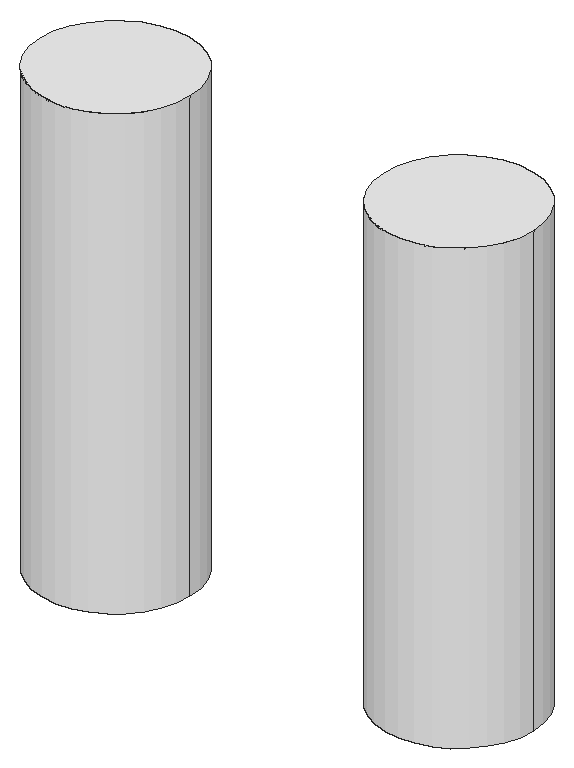
Revit family "51692293(2020)", category Plumbing Fixtures, Revit 2020
Family settings
  Round Connector Dimension = Use Diameter
  Part Type = Normal
  OmniClass Number = 23.45.55.00
  OmniClass Title = Sanitary Faucets, Wastes
  Work Plane-Based = No
  Always vertical = Yes
  Cut with Voids When Loaded = No
  Shared = No
  Room Calculation Point = No
Parameters (values of type "51692293 High washbasin faucet")
  Working Pressure = "50 - 1000 kPa"
  WarrantyStartDate [instance] = "n/a"
  WarrantyGuarantorParts = "n/a"
  WarrantyGuarantorLabor = "n/a"
  WarrantyDurationUnit = "Year"
  WarrantyDurationParts = "n/a"
  WarrantyDurationLabor = "n/a"
  WarrantyDescription = "http://warranty.hansa.com"
  Warranty Information URL = "http://warranty.hansa.com"
  VersionDate = "01/06/2023"
  Version = "1"
  ValvePattern = "n/a"
  ValveOperation = "n/a"
  ValveMechanism = "n/a"
  Uniclass2015Reference = "Pr_40_20_87_96"
  Uniclass2015Description = "Washbasin manual water supply sets"
  Uniclass2 = "Pr_40_30_96_96"
  URL UWL = "http://static.hansa.com/UWL/51692293"
  URL REACH = "http://static.hansa.com/doc/reach"
  URL Materials Declaration = "http://www.hansa.com/fileadmin/resources/182904_51692293_materialsdeclaration.pdf"
  URL Environmental Product Declaration EPD = "http://www.hansa.com/fileadmin/resources/184523_EPD_Washbasin faucet.pdf"
  URL EcoLabel Declaration = "http://static.hansa.com/doc/EcoLabel"
  URL EU Packaging Declaration = "http://static.hansa.com/doc/packaging"
  URL Declaration of SCIP = "http://static.hansa.com/doc/SCIP"
  URL Declaration of Conformity = "http://static.hansa.com/DoC/51692293"
  URL Declaration of Asbestos = "http://static.hansa.com/doc/asbestos"
  URL Declaration Of Performance (DOP) = "http://static.hansa.com/doc/DoP"
  URL DVGW = "http://static.hansa.com/DVGW/51692293"
  URL = ""
  UNSPSC Class Number = "30181700 Faucets or taps"
  TestPressure = "n/a"
  Technical DataSheet URL = "http://www.hansa.com/datasheet/51692293/en"
  TagNumber [instance] = "n/a"
  SustainabilityPerformance = "n/a"
  Surface treatment = "Chrome"
  Spout Type = "Fixed spout"
  Spout Projection = "171 mm"
  Spare-Part Information URL = "http://static.hansa.com/sp/51692293"
  Size = "50x212x341 mm"
  Shape = "Sculptured"
  SerialNumber [instance] = "n/a"
  Sales Package dimensions (LxWxH) = "620 x 330 x 90"
  Revision = "n/a"
  ReplacementCost = "n/a"
  ProductInformation = "Kitchen faucet with high spout."
  Product URL = "http://static.hansa.com/51692293"
  Product Image URL = "http://static.hansa.com/image/51692293"
  Product Family = "HANSADESIGNO Style "
  Product Code = "51692293"
  OperatingMechanismMaterial = "n/a"
  NominalWidth = 50 mm
  NominalHeight = 340.85 mm
  NominalDepth = 211.5 mm
  Noise Class = "I (ISO 3822)"
  Name_en = "51692293 High washbasin faucet"
  Name = "51692293 High washbasin faucet"
  NBSReference = "45-35-70/371"
  NBSDescription = "Water supply fittings for wash basins and troughs"
  Mounting Holes = "1 hole"
  ModelReference = "51692293"
  ModelNumber = "n/a"
  Model = "51692293 High washbasin faucet"
  Mobile Product Information URL = "http://mpi.hansa.com/51692293"
  Mechanical Parts = "ø 25 mm ceramic cartridge for flow and temperature control"
  Max. Hot Water Supply = 70 °C
  Material = "Brass"
  Market = "International;Germany;Austria;Belgium;Netherlands;France;Czech Republic;Slovakia;Italy;Spain"
  ManufacturerURL = "http://www.hansa.com"
  ManufacturerName = "HANSA"
  Manufacturer = "HANSA"
  Lever Handle = "Single operating lever/handle;Hot/Cold symbols"
  Keynote = ""
  Interactive AR View URL = "https://static.hansa.com/AR/51692293"
  InstallationDate [instance] = "n/a"
  Installation and Maintenance Guide URL = "http://static.hansa.com/manual/51692293"
  Installation Type = "Deck mounted"
  InletConnectionSize = 10 mm
  IfcExportType = "FAUCET"  # constant formula
  IfcExportAs = "IfcValveType"  # constant formula
  Group = "Washbasin faucet"
  Grade = "n/a"
  FlowCoefficient = 0
  Flow Rate At 300kPa With Flow Controller = 0.1 L/s
  Flow Drawing URL = "http://static.hansa.com/flowchart/51692293"
  Finish = "Polished"
  Features = "Single-lever"
  FaucetMainMaterial = Brass
  FDV Document URL = "http://www.hansa.com/datasheet/51692293/en/fdv"
  ExpectedLife = "n/a"
  Excluded Items = "Without pop-up waste;Without draw-rod opening"
  ETIM Class Number = "EC011328 Washbasin mixing tap"
  EN Standard = "EN 817"
  EAN Number = "4057304015120"
  DurationUnit = "Year"
  Dimension Drawing URL = "http://static.hansa.com/dimdrw/51692293"
  Description = ""
  DefaultElevation [instance] = 742.85 mm
  Default Elevation = 0 mm
  Constituents = "n/a"
  Connection Size = "G3/8"
  Connection = "Flexible inlet pipes"
  Color = "Chrome"
  CodePerformance = "n/a"
  CloseOffRating = 0
  Category = "Washbasin"
  Catalog Drawing URL = "http://static.hansa.com/catdrw/51692293"
  CO2 Emissions (D) = -8.15
  CO2 Emissions (C4) = 0.09
  CO2 Emissions (C3) = 0.02
  CO2 Emissions (C2) = 0.02
  CO2 Emissions (B7) = 1854
  CO2 Emissions (A4) = 0.32
  CO2 Emissions (A1-A3) = 11.46
  Brand = "HANSA"
  BodyMaterial = "Brass"
  Barcode [instance] = "n/a"
  Backflow Prevention EN1717 = "AA"
  BIMObjectName = "51692293(2020)"
  Author = "BIMStone"
  AssetType = "Fixed"
  AssetIdentifier [instance] = "n/a"
  Approval DVGW = "DW-6506DL0547"
  Ambience photo = "http://static.hansa.com/ambience/51692293"
  Aerator = "PCA® - constant flow rate regardless of pressure variations"
  Advanced Features = "Inner body made of DZR brass"
  AccessibilityPerformance = "n/a"
  3D View = "https://static.hansa.com/AR/51692293"
  2D/3D/BIM Files URL = "http://static.hansa.com/bim/51692293"
Reference planes
  plane 1 "Center (Front/Back)": y = 0
  plane 2: z = 0
  plane 3 "Center (Left/Right)": x = 0
  plane 4: x = -25
  plane 5: z = 742.85
  plane 6: z = 712.85
  plane 7: y = -211.5
  plane 8: x = 25
  plane 9: z = 1083.7
Forms (mm)
  Extrusion 1, solid, material "Brass" <- "FaucetMainMaterial"
    sketch origin (0, -2.5, 0) x (1, 0, 0) y (0, 1, 0)
      loop
        circle (-11.5, -22.5) r 5
      loop
        circle (11.5, -22.5) r 5
    from 712.85 to 742.85
Dimensions and locks
  "DefaultElevation": plane 5 to level
  locked: plane 5 to plane 6 at 30
  equal spacing: plane 4, plane 3 "Center (Left/Right)", plane 8
  "NominalWidth": plane 4 to plane 8
  "NominalDepth": plane 7 to plane 1 "Center (Front/Back)"
  "NominalHeight": plane 9 to plane 5
  "InletConnectionSize": diameter of Extrusion 1 sketch curve  (x2)
  aligned and locked: level to plane 2
  aligned and locked: plane 5 to Extrusion 1
  aligned and locked: Extrusion 1 to plane 6
  aligned and locked: plane 9 to nested 2
  aligned and locked: plane 5 to nested 2
  aligned and locked: plane 7 to nested 2
Automatic sketch dimensions
  Extrusion 1 sketch curve to plane 3 "Center (Left/Right)" = 11.5 mm
  plane 3 "Center (Left/Right)" to Extrusion 1 sketch curve = 11.5 mm
  plane 1 "Center (Front/Back)" to Extrusion 1 sketch curve = 25 mm  (x2)
Nested families
  nested 1: "Symbol" at (0, 0, 0), type "Symbol", detail levels coarse
  nested 2: "51692293(2020)_p" at (0, 0, 742.85), Material 1 <- "FaucetMainMaterial", type "51692293(2020)_p"
    with Material 1 Brass
Connectors
  piping at (-11.5, -25, 712.85), diameter 10, driven by "InletConnectionSize"
    settings: on Extrusion 1, index 1, connector inside diameter 609.6 mm, connector length 0 mm, flow factor 0, pipe flow 0.0 L/s, pressure drop 0.0 Pa, fitting loss kfactor 0, connector angle 0.00°, fixture units 0, engagement length 0 mm, angle of deflection 0.00°, flow configuration 1, flow direction 1, fitting loss method 0, system type 19, joint type 0, gender type 0, connector reference index -1, connector utility 0, adjustable connector no, is connector primary yes, connector description ""
  piping at (11.5, -25, 712.85), diameter 10, driven by "InletConnectionSize"
    settings: on Extrusion 1, index 2, connector inside diameter 609.6 mm, connector length 0 mm, flow factor 0, pipe flow 0.0 L/s, pressure drop 0.0 Pa, fitting loss kfactor 0, connector angle 0.00°, fixture units 0, engagement length 0 mm, angle of deflection 0.00°, flow configuration 1, flow direction 1, fitting loss method 0, system type 20, joint type 0, gender type 0, connector reference index -1, connector utility 0, adjustable connector no, is connector primary no, connector description ""
Definition of nested family "Symbol"
  Reference planes
    plane 1: y = 0
    plane 2: x = 0
  Lines and regions (mm)
    detail lines
      curve 1: line (0, 0, 0) -> (0, -1.8, 0)
      curve 2: line (-0.4, -1.1, 0) -> (0.4, -1.1, 0)
      curve 3: line (-0.4, -1.4, 0) -> (0.4, -1.4, 0)
      curve 4: line (0.863, 0, 0) -> (-0.863, 0, 0)
      curve 5: circle (-1.163, 0, 0) r 0.3 normal (0, 0, -1)
      curve 6: circle (1.163, 0, 0) r 0.3 normal (0, 0, 1)
Definition of nested family "51692293(2020)_p"
  Parameters (values of type "51692293(2020)_p")
    Material 1 [instance] = none
    Default Elevation = 0 mm
  Reference planes
    plane 1 "Center (Front/Back)": y = 0
    plane 2: z = 0
    plane 3 "Center (Left/Right)": x = 0
  Forms (mm)
    Revolve 1, solid, material <- "Material 1", detail levels medium
      sketch origin (0, 0, 0) x (0, 1, 0) y (0, 0, 1)
        loop
          line (-25, 5) -> (-25, 0) -> (0, 0) -> (0, 5) -> (-5, 5) -> (-5, 340.85) -> (-25, 340.85) -> (-25, 5)
        axis (-25, 340.85) -> (-25, 0)
      angle from 0 to 360
    Extrusion 2, solid, material <- "Material 1", detail levels medium
      sketch origin (0, 0, 0) x (1, 0, 0) y (0, 0, 1)
        loop
          line (-10, 340.85) -> (-10, 328.857) -> (10, 328.857) -> (10, 340.85) -> (-10, 340.85)
      from 24.905 to 109.793
    Extrusion 3, solid, material <- "Material 1", detail levels medium
      sketch origin (0, 0, 0) x (1, 0, 0) y (0, 0, 1)
        loop
          circle (0, 280.378) r 12.925
      from 23.925 to 211.5
    Revolve 4, solid, material <- "Material 1", detail levels medium
      sketch origin (0, 0, 0) x (0, 1, 0) y (0, 0, 1)
        loop
          line (-196.407, 266.03) -> (-186.559, 264.294) -> (-184.892, 273.748) -> (-194.74, 275.485) -> (-196.407, 266.03)
        axis (-196.407, 266.03) -> (-194.74, 275.485)
      angle from 0 to 360
    Extrusion 5, solid, material <- "Material 1", detail levels coarse
      sketch origin (0, 0, 0) x (1, 0, 0) y (0, 1, 0)
        loop
          line (-25, 0) -> (-25, -211.5) -> (24.981, -211.5) -> (24.981, 0) -> (-25, 0)
      from 0 to 340.85
  Cuts and joins
    joined: Revolve 1, Extrusion 2
  Lines and regions (mm)
    symbolic lines, detail levels medium+fine
      curve 1: line (-9.5, -211.5, 0) -> (9.5, -211.5, 0)
      curve 2: arc (9.5, -211.5, 0) -> (11.673, -210.6, 0) -> (12.573, -208.427, 0) r 3.073
      curve 3: line (12.573, -208.427, 0) -> (12.573, -46.673, 0)
      curve 4: arc (-9.5, -211.5, 0) -> (-11.673, -210.6, 0) -> (-12.573, -208.427, 0) r 3.073
      curve 5: line (-12.573, -208.427, 0) -> (-12.573, -46.673, 0)
      curve 15: arc (12.573, -46.673, 0) -> (0, -0.065, 0) -> (-12.573, -46.673, 0) r 25
      curve 18: line (-20.25, 0, 5) -> (-25, 0, 5)
      curve 19: line (0, 0, 0) -> (-25, 0, 0)
      curve 20: line (-25, 0, 0) -> (-25, 0, 5)
      curve 21: line (-20.25, 0, 5) -> (-20.25, 0, 322.79)
      curve 22: arc (-20.25, 0, 322.79) -> (-20.192, 0, 322.935) -> (-20.05, 0, 323) r 0.211
      curve 23: line (-20.03, 0, 325.68) -> (-19.074, 0, 325.68)
      curve 24: arc (-19.074, 0, 325.68) -> (-19.633, 0, 324.49) -> (-20.132, 0, 323.274) r 25.817
      curve 25: arc (-20.132, 0, 323.274) -> (-20.137, 0, 323.123) -> (-20.05, 0, 323) r 0.235
      curve 28: arc (-20.232, 0, 325.882) -> (-20.173, 0, 325.739) -> (-20.03, 0, 325.68) r 0.202
      curve 29: line (-20.232, 0, 325.882) -> (-20.232, 0, 338.858)
      curve 30: arc (-20.232, 0, 338.858) -> (-19.645, 0, 340.27) -> (-18.23, 0, 340.85) r 1.992
      curve 31: line (-18.23, 0, 340.85) -> (0, 0, 340.85)
      curve 40: line (20.25, 0, 5) -> (25, 0, 5)
      curve 41: line (0, 0, 0) -> (25, 0, 0)
      curve 42: line (25, 0, 0) -> (25, 0, 5)
      curve 43: line (20.25, 0, 5) -> (20.25, 0, 322.79)
      curve 44: line (20.03, 0, 325.68) -> (19.074, 0, 325.68)
      curve 45: arc (19.074, 0, 325.68) -> (19.633, 0, 324.49) -> (20.132, 0, 323.274) r 25.817
      curve 48: line (20.232, 0, 325.882) -> (20.232, 0, 338.858)
      curve 49: arc (20.232, 0, 338.858) -> (19.645, 0, 340.27) -> (18.23, 0, 340.85) r 1.992
      curve 50: line (18.23, 0, 340.85) -> (0, 0, 340.85)
      curve 57: arc (20.232, 0, 325.882) -> (20.173, 0, 325.739) -> (20.03, 0, 325.68) r 0.202
      curve 58: arc (20.132, 0, 323.274) -> (20.137, 0, 323.123) -> (20.05, 0, 323) r 0.235
      curve 59: arc (20.25, 0, 322.79) -> (20.192, 0, 322.935) -> (20.05, 0, 323) r 0.211
      curve 62: line (0, -107.875, 340.85) -> (0, -6.633, 340.85)
      curve 63: arc (0, -6.633, 340.85) -> (0, -5.228, 340.268) -> (0, -4.646, 338.863) r 1.987
      curve 64: line (0, -4.646, 338.863) -> (0, -4.646, 325.68)
      curve 65: line (0, -4.646, 325.68) -> (0, -5.928, 325.68)
      curve 66: line (0, -4.729, 322.843) -> (0, -4.729, 5)
      curve 67: line (0, -4.729, 5) -> (0, 0, 5)
      curve 68: line (0, 0, 5) -> (0, 0, 0)
      curve 69: line (0, 0, 0) -> (0, -50, 0)
      curve 70: line (0, -50, 0) -> (0, -50, 5)
      curve 71: line (0, -50, 5) -> (0, -45.25, 5)
      curve 72: line (0, -45.25, 5) -> (0, -45.25, 262.214)
      curve 73: arc (0, -45.25, 262.214) -> (0, -46.95, 266.317) -> (0, -51.053, 268.017) r 5.803
      curve 74: line (0, -51.053, 268.017) -> (0, -185.659, 268.017)
      curve 75: line (0, -211.5, 271.036) -> (0, -211.5, 290.262)
      curve 76: arc (0, -208.493, 268.017) -> (0, -210.62, 268.905) -> (0, -211.5, 271.036) r 3.019
      curve 77: line (0, -51.25, 293.002) -> (0, -208.463, 293.002)
      curve 78: arc (0, -208.463, 293.002) -> (0, -210.509, 292.216) -> (0, -211.5, 290.262) r 3.053
      curve 79: arc (0, -45.223, 299.029) -> (0, -46.988, 294.767) -> (0, -51.25, 293.002) r 6.027
      curve 80: line (0, -45.223, 299.029) -> (0, -45.223, 322.843)
      curve 81: arc (0, -45.223, 322.843) -> (0, -44.751, 324.302) -> (0, -44.077, 325.68) r 10.788
      curve 82: line (0, -44.077, 325.68) -> (0, -44.917, 325.68)
      curve 83: arc (0, -44.917, 325.68) -> (0, -45.079, 325.747) -> (0, -45.146, 325.908) r 0.229
      curve 84: line (0, -45.146, 325.908) -> (0, -45.146, 328.58)
      curve 85: arc (0, -45.146, 328.58) -> (0, -46.304, 331.376) -> (0, -49.101, 332.534) r 3.955
      curve 86: line (0, -49.101, 332.534) -> (0, -104.101, 332.534)
      curve 87: arc (0, -104.101, 332.534) -> (0, -108.205, 334.234) -> (0, -109.904, 338.338) r 5.804
      curve 88: arc (0, -109.904, 338.338) -> (0, -109.334, 339.953) -> (0, -107.875, 340.85) r 2.569
      curve 91: arc (0, -5.928, 325.68) -> (0, -5.271, 324.285) -> (0, -4.729, 322.843) r 19.061
      curve 94: line (0, -186.511, 264.285) -> (0, -206.305, 267.776)
      curve 95: arc (0, -206.305, 267.776) -> (0, -206.44, 267.861) -> (0, -206.476, 268.017) r 0.209
      curve 96: arc (0, -186.29, 264.44) -> (0, -186.368, 264.317) -> (0, -186.511, 264.285) r 0.19
      curve 97: line (0, -186.29, 264.44) -> (0, -185.659, 268.017)
      curve 99: line (0, -206.476, 268.017) -> (0, -208.493, 268.017)
    symbolic lines, detail levels fine
      curve 6: line (-8.487, -45.711, 0) -> (-8.487, -48.58, 0)
      curve 7: line (8.513, -46.16, 0) -> (8.513, -48.571, 0)
      curve 8: arc (-8.487, -101.44, 0) -> (0.013, -109.94, 0) -> (8.513, -101.44, 0) r 8.5
      curve 9: line (-8.487, -48.58, 0) -> (-8.487, -101.44, 0)
      curve 10: line (8.513, -48.571, 0) -> (8.513, -101.44, 0)
      curve 11: arc (8.513, -48.571, 0) -> (10.585, -47.713, 0) -> (12.573, -46.673, 0) r 25
      curve 12: arc (-10.376, -42.285, 0) -> (-8.991, -43.755, 0) -> (-8.487, -45.711, 0) r 4.051
      curve 13: arc (10.376, -42.285, 0) -> (8.888, -43.955, 0) -> (8.513, -46.16, 0) r 4.051
      curve 14: arc (10.376, -42.285, 0) -> (0, -6.424, 0) -> (-10.376, -42.285, 0) r 19.432
      curve 16: arc (-12.573, -46.673, 0) -> (-10.573, -47.719, 0) -> (-8.487, -48.58, 0) r 25
      curve 17: line (-20.25, 0, 5) -> (0, 0, 5)
      curve 26: line (-19.074, 0, 325.68) -> (0, 0, 325.68)
      curve 27: line (-20.05, 0, 323) -> (0, 0, 323)
      curve 32: arc (-6.492, 0, 340.85) -> (-7.904, 0, 340.265) -> (-8.489, 0, 338.853) r 1.997
      curve 33: arc (-8.489, 0, 338.853) -> (-7.03, 0, 334.234) -> (-2.487, 0, 332.55) r 5.513
      curve 34: line (-2.487, 0, 332.55) -> (0, 0, 332.55)
      curve 35: spline (0, 0, 297.609) -> (-3.882, 0, 296.986) -> (-7.5, 0, 295.159) -> (-10.607, 0, 292.253) -> (-12.99, 0, 288.466) -> (-14.489, 0, 284.055) -> (-15, 0, 279.322) -> (-14.489, 0, 274.589) -> (-12.99, 0, 270.179) -> (-10.607, 0, 266.391) -> (-7.5, 0, 263.485) -> (-3.882, 0, 261.658) -> (0, 0, 261.035)
      curve 36: circle (0, 0, 280.581) r 12.471 normal (0, -1, 0)
      curve 37: circle (0, 0, 280.581) r 10 normal (0, -1, 0)
      curve 38: spline (-10.319, 0, 266.189) -> (-9.967, 0, 266.646) -> (-8.936, 0, 267.072) -> (-7.297, 0, 267.437) -> (-5.159, 0, 267.718) -> (-2.671, 0, 267.894) -> (0, 0, 267.954) -> (2.671, 0, 267.894) -> (5.159, 0, 267.718) -> (7.297, 0, 267.437) -> (8.936, 0, 267.072) -> (9.967, 0, 266.646) -> (10.319, 0, 266.189) -> (9.967, 0, 265.732) -> (8.936, 0, 265.307) -> (7.297, 0, 264.941) -> (5.159, 0, 264.661) -> (2.671, 0, 264.484) -> (0, 0, 264.424) -> (-2.671, 0, 264.484) -> (-5.159, 0, 264.661) -> (-7.297, 0, 264.941) -> (-8.936, 0, 265.307) -> (-9.967, 0, 265.732) -> (-10.319, 0, 266.189)
      curve 39: line (20.25, 0, 5) -> (0, 0, 5)
      curve 46: line (19.074, 0, 325.68) -> (0, 0, 325.68)
      curve 47: line (20.05, 0, 323) -> (0, 0, 323)
      curve 51: arc (6.492, 0, 340.85) -> (7.904, 0, 340.265) -> (8.489, 0, 338.853) r 1.997
      curve 52: arc (8.489, 0, 338.853) -> (7.03, 0, 334.234) -> (2.487, 0, 332.55) r 5.513
      curve 53: line (2.487, 0, 332.55) -> (0, 0, 332.55)
      curve 54: spline (0, 0, 297.609) -> (3.882, 0, 296.986) -> (7.5, 0, 295.159) -> (10.607, 0, 292.253) -> (12.99, 0, 288.466) -> (14.489, 0, 284.055) -> (15, 0, 279.322) -> (14.489, 0, 274.589) -> (12.99, 0, 270.179) -> (10.607, 0, 266.391) -> (7.5, 0, 263.485) -> (3.882, 0, 261.658) -> (0, 0, 261.035)
      curve 55: circle (0, 0, 280.581) r 10 normal (0, 1, 0)
      curve 56: spline (10.319, 0, 266.189) -> (9.967, 0, 266.646) -> (8.936, 0, 267.072) -> (7.297, 0, 267.437) -> (5.159, 0, 267.718) -> (2.671, 0, 267.894) -> (0, 0, 267.954) -> (-2.671, 0, 267.894) -> (-5.159, 0, 267.718) -> (-7.297, 0, 267.437) -> (-8.936, 0, 267.072) -> (-9.967, 0, 266.646) -> (-10.319, 0, 266.189) -> (-9.967, 0, 265.732) -> (-8.936, 0, 265.307) -> (-7.297, 0, 264.941) -> (-5.159, 0, 264.661) -> (-2.671, 0, 264.484) -> (0, 0, 264.424) -> (2.671, 0, 264.484) -> (5.159, 0, 264.661) -> (7.297, 0, 264.941) -> (8.936, 0, 265.307) -> (9.967, 0, 265.732) -> (10.319, 0, 266.189)
      curve 60: line (10.319, 0, 266.189) -> (10.319, 0, 273.578)
      curve 61: line (-10.319, 0, 266.189) -> (-10.319, 0, 273.578)
      curve 89: line (0, -5.928, 325.68) -> (0, -44.077, 325.68)
      curve 90: line (0, -45.223, 322.843) -> (0, -4.729, 322.843)
      curve 92: arc (0, -45.223, 299.029) -> (0, -38.597, 280.505) -> (0, -45.25, 261.991) r 29.148
      curve 93: line (0, -4.729, 5) -> (0, -45.25, 5)
      curve 98: line (0, -185.659, 268.017) -> (0, -206.476, 268.017)
  Dimensions and locks
    aligned and locked: level to plane 2
